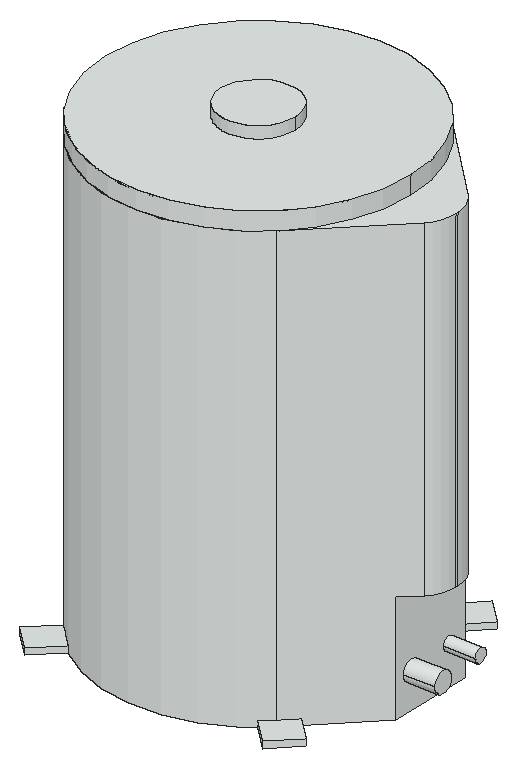
Revit family "Avac_Condensadora_01", category Mechanical Equipment, Revit 2025
Family settings
  Round Connector Dimension = Use Diameter
  Part Type = Normal
  OmniClass Number = 23.75.70.21.21
  OmniClass Title = Local Air-Conditioning Units
  Work Plane-Based = Yes
  Always vertical = Yes
  Cut with Voids When Loaded = No
  Maintain Annotation Orientation = No
  Shared = No
  Room Calculation Point = Yes
Parameters
  Default Elevation = 1.2192 m
  CT_ArCondicionados = CT_ArCondicionados
Reference planes (m)
  plane 1 "Center (Front/Back)": y = 0
  plane 2: z = 0
  plane 3 "Center (Left/Right)": x = 0
Forms (m)
  Extrusion 1, solid, material "CT_ArCondicionados" <- "CT_ArCondicionados"
    sketch origin (0, 0, 0) x (1, 0, 0) y (0, 1, 0)
      loop
        arc (0.162263, 0.157311) -> (-0.225973, 0.003502) -> (0.157311, -0.162263) r 0.226
        line (0.157311, -0.162263) -> (0.279058, -0.040516)
        arc (0.279058, -0.040516) -> (0.29098, -0.022673) -> (0.295167, -0.001625) r 0.055
        line (0.295167, -0.001625) -> (0.295167, 0.001625)
        arc (0.295167, 0.001625) -> (0.29098, 0.022673) -> (0.279058, 0.040516) r 0.055
        line (0.279058, 0.040516) -> (0.162263, 0.157311)
    from 0 to 0.66
  Extrusion 2, solid, material "CT_ArCondicionados" <- "CT_ArCondicionados"
    sketch origin (0, 0, 0) x (1, 0, 0) y (0, 1, 0)
      loop
        line (-0.176503, -0.141148) -> (-0.212132, -0.176777) -> (-0.176777, -0.212132) -> (-0.141148, -0.176503)
        arc (-0.141148, -0.176503) -> (-0.159806, -0.159806) -> (-0.176503, -0.141148) r 0.226
    from 0 to 0.00955
  Extrusion 3, solid, material "CT_ArCondicionados" <- "CT_ArCondicionados"
    sketch origin (0, 0, 0) x (-1, 0, 0) y (0, -1, 0)
      loop
        arc (-0.176503, 0.141148) -> (-0.159806, 0.159806) -> (-0.141148, 0.176503) r 0.226
        line (-0.141148, 0.176503) -> (-0.176777, 0.212132) -> (-0.212132, 0.176777) -> (-0.176503, 0.141148)
    from 0 to 0.00955
  Extrusion 4, solid, material "CT_ArCondicionados" <- "CT_ArCondicionados"
    sketch origin (0, 0, 0) x (1, 0, 0) y (0, 1, 0)
      loop
        arc (-0.176503, 0.141148) -> (-0.159806, 0.159806) -> (-0.141148, 0.176503) r 0.226
        line (-0.141148, 0.176503) -> (-0.176777, 0.212132) -> (-0.212132, 0.176777) -> (-0.176503, 0.141148)
    from 0 to 0.00955
  Extrusion 5, solid, material "CT_ArCondicionados" <- "CT_ArCondicionados"
    sketch origin (0, 0, 0) x (-1, 0, 0) y (0, -1, 0)
      loop
        line (-0.176503, -0.141148) -> (-0.212132, -0.176777) -> (-0.176777, -0.212132) -> (-0.141148, -0.176503)
        arc (-0.141148, -0.176503) -> (-0.159806, -0.159806) -> (-0.176503, -0.141148) r 0.226
    from 0 to 0.00955
  Extrusion 6, solid, material "CT_ArCondicionados" <- "CT_ArCondicionados"
    sketch origin (0, 0, 0) x (1, 0, 0) y (0, 1, 0)
      loop
        circle (0, 0) r 0.226
    from 0.66 to 0.686491
  Extrusion 7, solid, material "CT_ArCondicionados" <- "CT_ArCondicionados"
    sketch origin (0.284754, -0.011155, 0.559396) x (0, 1, 0) y (0, 0, 1)
      loop
        circle (-0.024964, -0.504423) r 0.015
      loop
        circle (0.044598, -0.499369) r 0.01
    from -0.029587 to 0.018555
  Extrusion 8, void
    sketch origin (0, 0, 0) x (1, 0, 0) y (0, 1, 0)
      loop
        line (0.255246, 0.064328) -> (0.255246, -0.064328) -> (0.279058, -0.040516)
        arc (0.279058, -0.040516) -> (0.29098, -0.022673) -> (0.295167, -0.001625) r 0.055
        line (0.295167, -0.001625) -> (0.295167, 0.001625)
        arc (0.295167, 0.001625) -> (0.29098, 0.022673) -> (0.279058, 0.040516) r 0.055
        line (0.279058, 0.040516) -> (0.255246, 0.064328)
    from 0 to 0.163688
  Extrusion 9, solid, material "CT_ArCondicionados" <- "CT_ArCondicionados"
    sketch origin (0, 0, 0) x (1, 0, 0) y (0, 1, 0)
      loop
        circle (0, 0) r 0.055
    from 0.686491 to 0.703741
Cuts and joins
  Extrusion 8 cuts Extrusion 1
Dimensions and locks (m)
  aligned and locked: level to plane 2
